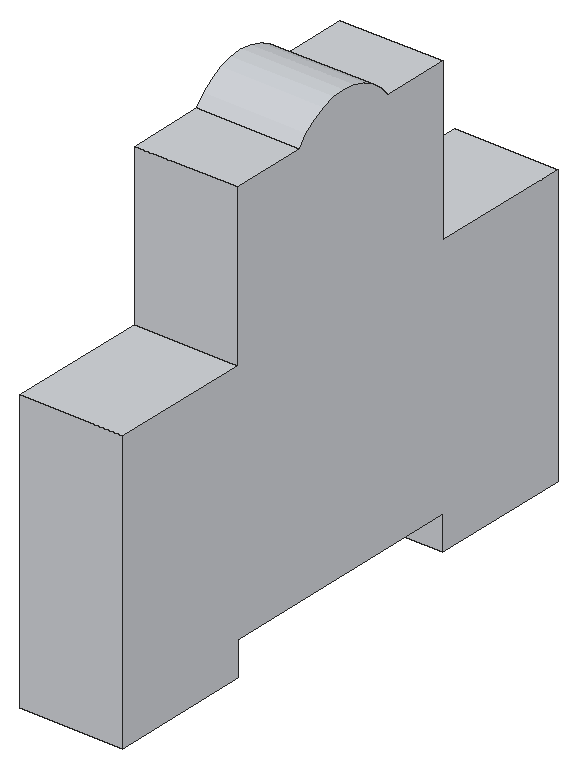
Revit family "Power-ModularDevices-GEWISS-90AM-SPD_TYPE2_1P", category Apparecchi elettrici, host Superficie, Revit 2016
Family settings
  Host = Superficie
  Mantenere orientamento annotazione = Sì
  Tipo di parte = Normale
  Quota connettore circolare = Usa diametro
  Numero OmniClass = 23.80.50.00
  Titolo OmniClass = Terminals for Power Supply
  Taglio con vuoti quando caricato = No
  Condiviso = No
  Punto di calcolo locali = Sì
Parameters (values of type "GWD6413 - LST - SPD 1P 40KA 400V T2")
  potenza in watt = 0 V
  carico = Altro
  Version file RFA = "18.0"
  URL = "https://www.gewiss.com/ww/en"
  Type: = "2"
  Type = "2"
  Technical sheet = "https://www.gewiss.com/ww/en/search?q=GWD6413"
  Spostamento_x = -340 mm
  SS [instance] = 69.967 mm
  SEO = "Limiter"
  Realized by GEWISS S.p.A. = ""
  Rated voltage AC = "400V"
  Rated voltage = "400Vac"
  Default Elevation = 1219.2 mm
  Produttore = "GEWISS S.p.A."
  Numero di poli = 1
  Spost_x_eff [instance] = 4000 mm + Spostamento_x  # 3660 mm
  Number of poles = "1P"
  No. of poles = "1P"
  No. of modules EN 50022 = "1"
  No. Chorus modules = "1"
  Modello = "GWD6413"
  Maximum discharge current: = "40KA"
  Immagine tipo = GWD6411.jpg
  IFC.TypeObject = ""
  IFC.ExportType = ""
  IFC.ExportAs = ""
  IDT = "efe6c794-a624-4260-8996-be3dd57c760e"
  IDF = "fd5a9a67-0f8f-4116-b411-a5605e20defb"
  Electrocod = "0642"
  EAN code = "8011564774889"
  Descrizione = "LST - SPD 1P 40KA 400V T2"
  Catalogue Range = "90 AM"
  Catalogue = "POWER"
  COBie.Tagnumber = ""
  COBie.CreatedOn = ""
  COBie.CreatebBy = ""
  COBie.ComponentRegisterItemID = ""
  COBie.Component.TagNumber = ""
  COBie.Component.Space = ""
  COBie.Component.SerialNumber = ""
  COBie.Component.InstallationDate = ""
  COBie.Component.Description = ""
  COBie.Component.BarCode = ""
  Barra_DIN [instance] = 0 mm
  Aux end-of-life contact = "No"
Types (4, lengths in mm): name | URL | Technical sheet | Rated voltage AC | Rated voltage | Produttore | Modello | IDT | EAN code | Descrizione | Aux end-of-life contact
  (no name) | 0 | "" | "" | "" | "GEWISS" | "GWD6411" | "" | "" | "LST - SCARICATORE 1P 40kA T2" | ""
  GWD6413 - LST - SPD 1P 40KA 400V T2 | "https://www.gewiss.com/ww/en" | "https://www.gewiss.com/ww/en/search?q=GWD6413" | "400V" | "400Vac" | "GEWISS S.p.A." | "GWD6413" | "efe6c794-a624-4260-8996-be3dd57c760e" | "8011564774889" | "LST - SPD 1P 40KA 400V T2" | "No"
  GWD6412 - LST - SPD 1P 40KA AUX. T2 | "https://www.gewiss.com/ww/en" | "https://www.gewiss.com/ww/en/search?q=GWD6412" | "230V" | "230Vac" | "GEWISS S.p.A." | "GWD6412" | "567c34fa-7bee-4ac6-a73a-ba72510e9334" | "8011564774872" | "LST - SPD 1P 40KA AUX. T2" | "Yes"
  GWD6411 - LST - SPD 1P 40KA T2 | "https://www.gewiss.com/ww/en" | "https://www.gewiss.com/ww/en/search?q=GWD6411" | "230V" | "230Vac" | "GEWISS S.p.A." | "GWD6411" | "ff5529c7-5287-42fd-a155-db7f607ca49e" | "8011564774865" | "LST - SPD 1P 40KA T2" | "No"
Values of the unnamed type that differ from the named types
  Version file RFA = ""
  Type: = ""
  Type = ""
  SEO = ""
  Number of poles = ""
  No. of poles = ""
  No. of modules EN 50022 = ""
  No. Chorus modules = ""
  Maximum discharge current: = ""
  IDF = ""
  Electrocod = ""
  Catalogue Range = ""
  Catalogue = ""
Reference planes
  plane 1 "Centro (Fronte/Retro)": y = 0
  plane 2: z = 0
  plane 3 "Centro (Sinistra/Destra)": x = 0
  plane 4: z = 0
Dimensions and locks
  "Barra_DIN": host face to plane 4
  aligned and locked: plane 2 to host face
  aligned and locked: level to host face
  aligned and locked: plane 3 "Centro (Sinistra/Destra)" to nested 1
  aligned and locked: plane 1 "Centro (Fronte/Retro)" to nested 1
Automatic sketch dimensions
  host sketch curve to host sketch curve = 6519.2 mm
  host sketch curve to host sketch curve = 4328.142 mm
Nested families
  nested 1: "GENERICO - 90AM SCARICATORI LST TIPO 2 1P" at (0, 0, 7), type "GENERICO - 90AM SCARICATORI LST TIPO 2 1P"
  nested 2: "SCAR" at (0, 69.967, 0), type "SCAR"
Connectors
  electrical at (0, 47.5, 25.5)
    settings: on nested 1, index 1, voltage 230 V, apparent load 0 VA, apparent load phase1 0 VA, apparent load phase2 0 VA, apparent load phase3 0 VA, power factor 1, load classification "Altro", number of poles 1, system type 31, power factor state 1, is connector primary yes, connector utility no, sub classification motor no, connector description ""
Definition of nested family "GENERICO - 90AM SCARICATORI LST TIPO 2 1P"
  Parameters (values of type "GENERICO - 90AM SCARICATORI LST TIPO 2 1P")
    h_barra din = if(Altezza barre = 1 mm, 69.9 mm, if(Altezza barre = 2 mm, 115.8 mm, 0 mm))  # 0 mm
    Default Elevation = 1219.2 mm
    H = if(AB_O = 1, AB_V, if(AB_O = 2, AB_H, 50.8 mm))  # 50.8 mm
    Dist barra din = 0 mm  # constant formula
    C1 = 49 mm  # constant formula
    C = 70 mm  # constant formula
    B = 95 mm  # constant formula
    Altezza barre = 5 mm  # constant formula
    AB_V = 3 mm  # constant formula
    AB_H = 5 mm  # constant formula
    AB_O = 0  # constant formula
    A = 18 mm  # constant formula
  Reference planes
    plane 1 "Centro (Fronte/Retro)": y = 0
    plane 2: z = 0
    plane 3 "Centro (Sinistra/Destra)": x = 0
    plane 4: y = -47.5
    plane 5: y = 47.5
    plane 6: z = 0
    plane 7: z = -6
    plane 8 "top": z = 70
    plane 9 "incasso": z = 43
    plane 10: y = -22.5
    plane 11: y = 22.5
    plane 12: x = -9
    plane 13: x = 9
    plane 14: through (4267.2, -42.5, 9) normal (0, -0.1901, 0.9818)
    plane 15 "POSIZIONE": z = 71
    plane 16: y = 10.353
    plane 17: y = -8.889
  Forms (mm)
    Extrusion 1, solid
      sketch origin (0, 0, 0) x (0, 1, 0) y (0, 0, 1)
        loop
          line (-22.5, 0) -> (22.5, 0) -> (22.5, -6) -> (47.5, -6) -> (47.5, 43) -> (22.5, 43) -> (22.5, 71) -> (10.353, 71)
          arc (10.353, 71) -> (0.732, 76.023) -> (-8.889, 71) r 11.726
          line (-8.889, 71) -> (-22.5, 71) -> (-22.5, 43) -> (-47.5, 43) -> (-47.5, -6) -> (-22.5, -6) -> (-22.5, 0)
      from -9 to 9
  Lines and regions (mm)
    symbolic lines
      curve 1: line (0, 0, 15) -> (0, 0, -6)
      curve 2: line (0, -22.5, 0) -> (0, 22.5, 0)
    model lines, detail levels medium+fine
      curve 3: circle (0.419, 35.762, 43) r 3.324 normal (0, 0, 1)
      curve 4: circle (0, -40.632, 43) r 3.197 normal (0, 0, 1)
      curve 90: line (5.092, 14.237, 71) -> (5.092, 18.61, 71)
      curve 91: line (5.092, 18.61, 71) -> (-5.092, 18.61, 71)
      curve 92: line (-5.092, 18.61, 71) -> (-5.092, 14.237, 71)
      curve 93: line (-5.092, 14.237, 71) -> (5.092, 14.237, 71)
    model lines, detail levels fine
      curve 5: line (-5.812, -19.942, 71) -> (-5.812, -21.523, 71)
      curve 6: line (-5.812, -21.523, 71) -> (-6.342, -21.523, 71)
      curve 7: line (-6.342, -21.523, 71) -> (-6.649, -21.485, 71)
      curve 8: line (-6.649, -21.485, 71) -> (-7.025, -21.318, 71)
      curve 9: line (-7.025, -21.318, 71) -> (-7.324, -21.041, 71)
      curve 10: line (-7.324, -21.041, 71) -> (-7.521, -20.668, 71)
      curve 11: line (-7.521, -20.668, 71) -> (-7.583, -20.27, 71)
      curve 12: line (-7.583, -20.27, 71) -> (-7.523, -19.904, 71)
      curve 13: line (-7.523, -19.904, 71) -> (-7.365, -19.58, 71)
      curve 14: line (-7.365, -19.58, 71) -> (-7.08, -19.285, 71)
      curve 15: line (-7.08, -19.285, 71) -> (-6.735, -19.106, 71)
      curve 16: line (-6.735, -19.106, 71) -> (-6.347, -19.042, 71)
      curve 17: line (-6.347, -19.042, 71) -> (-5.812, -19.042, 71)
      curve 18: line (-5.812, -19.042, 71) -> (-5.812, -19.724, 71)
      curve 19: line (-5.812, -19.724, 71) -> (-6.712, -19.724, 71)
      curve 20: line (-6.712, -19.724, 71) -> (-6.712, -20.842, 71)
      curve 21: line (-6.712, -20.842, 71) -> (-6.493, -20.842, 71)
      curve 22: line (-6.493, -20.842, 71) -> (-6.493, -19.942, 71)
      curve 23: line (-6.493, -19.942, 71) -> (-5.812, -19.942, 71)
      curve 24: line (-3.672, -21.523, 71) -> (-5.594, -21.523, 71)
      curve 25: line (-5.594, -21.523, 71) -> (-5.594, -19.042, 71)
      curve 26: line (-5.594, -19.042, 71) -> (-4.572, -19.042, 71)
      curve 27: line (-4.572, -19.042, 71) -> (-4.572, -19.724, 71)
      curve 28: line (-4.572, -19.724, 71) -> (-4.913, -19.724, 71)
      curve 29: line (-4.913, -19.724, 71) -> (-4.913, -19.942, 71)
      curve 30: line (-4.913, -19.942, 71) -> (-3.672, -19.942, 71)
      curve 31: line (-3.672, -19.942, 71) -> (-3.672, -20.624, 71)
      curve 32: line (-3.672, -20.624, 71) -> (-4.913, -20.624, 71)
      curve 33: line (-4.913, -20.624, 71) -> (-4.913, -20.842, 71)
      curve 34: line (-4.913, -20.842, 71) -> (-3.672, -20.842, 71)
      curve 35: line (-3.672, -20.842, 71) -> (-3.672, -21.523, 71)
      curve 36: line (-0.196, -21.523, 71) -> (-0.196, -19.942, 71)
      curve 37: line (-0.196, -19.942, 71) -> (-0.878, -19.942, 71)
      curve 38: line (-0.878, -19.942, 71) -> (-0.878, -21.523, 71)
      curve 39: line (-0.878, -21.523, 71) -> (-0.196, -21.523, 71)
      curve 40: line (-2.48, -21.523, 71) -> (-2.275, -20.501, 71)
      curve 41: line (-2.275, -20.501, 71) -> (-2.071, -21.523, 71)
      curve 42: line (-2.071, -21.523, 71) -> (-1.389, -21.523, 71)
      curve 43: line (-1.389, -21.523, 71) -> (-0.966, -19.724, 71)
      curve 44: line (-0.966, -19.724, 71) -> (-0.196, -19.724, 71)
      curve 45: line (-0.196, -19.724, 71) -> (-0.196, -19.042, 71)
      curve 46: line (-0.196, -19.042, 71) -> (-1.505, -19.042, 71)
      curve 47: line (-1.505, -19.042, 71) -> (-1.75, -20.092, 71)
      curve 48: line (-1.75, -20.092, 71) -> (-1.921, -19.042, 71)
      curve 49: line (-1.921, -19.042, 71) -> (-2.63, -19.042, 71)
      curve 50: line (-2.63, -19.042, 71) -> (-2.8, -20.092, 71)
      curve 51: line (-2.8, -20.092, 71) -> (-3.045, -19.042, 71)
      curve 52: line (-3.045, -19.042, 71) -> (-4.354, -19.042, 71)
      curve 53: line (-4.354, -19.042, 71) -> (-4.354, -19.724, 71)
      curve 54: line (-4.354, -19.724, 71) -> (-3.584, -19.724, 71)
      curve 55: line (-3.584, -19.724, 71) -> (-3.162, -21.523, 71)
      curve 56: line (-3.162, -21.523, 71) -> (-2.48, -21.523, 71)
      curve 57: line (1.944, -19.042, 71) -> (0.022, -19.042, 71)
      curve 58: line (0.022, -19.042, 71) -> (0.022, -20.624, 71)
      curve 59: line (0.022, -20.624, 71) -> (1.262, -20.624, 71)
      curve 60: line (1.262, -20.624, 71) -> (1.262, -20.842, 71)
      curve 61: line (1.262, -20.842, 71) -> (0.022, -20.842, 71)
      curve 62: line (0.022, -20.842, 71) -> (0.022, -21.523, 71)
      curve 63: line (0.022, -21.523, 71) -> (1.944, -21.523, 71)
      curve 64: line (1.944, -21.523, 71) -> (1.944, -19.942, 71)
      curve 65: line (1.944, -19.942, 71) -> (0.703, -19.942, 71)
      curve 66: line (0.703, -19.942, 71) -> (0.703, -19.724, 71)
      curve 67: line (0.703, -19.724, 71) -> (1.944, -19.724, 71)
      curve 68: line (1.944, -19.724, 71) -> (1.944, -19.042, 71)
      curve 69: line (2.162, -19.042, 71) -> (2.162, -20.624, 71)
      curve 70: line (2.162, -20.624, 71) -> (3.319, -20.624, 71)
      curve 71: line (3.319, -20.624, 71) -> (3.319, -20.842, 71)
      curve 72: line (3.319, -20.842, 71) -> (2.162, -20.842, 71)
      curve 73: line (2.162, -20.842, 71) -> (2.162, -21.523, 71)
      curve 74: line (2.162, -21.523, 71) -> (2.844, -21.523, 71)
      curve 75: line (2.844, -21.523, 71) -> (3.237, -21.397, 71)
      curve 76: line (3.237, -21.397, 71) -> (3.491, -21.231, 71)
      curve 77: line (3.491, -21.231, 71) -> (3.782, -20.874, 71)
      curve 78: line (3.782, -20.874, 71) -> (3.917, -20.474, 71)
      curve 79: line (3.917, -20.474, 71) -> (3.921, -20.119, 71)
      curve 80: line (3.921, -20.119, 71) -> (3.884, -19.942, 71)
      curve 81: line (3.884, -19.942, 71) -> (2.844, -19.942, 71)
      curve 82: line (2.844, -19.942, 71) -> (2.844, -19.724, 71)
      curve 83: line (2.844, -19.724, 71) -> (3.792, -19.724, 71)
      curve 84: line (3.792, -19.724, 71) -> (3.668, -19.518, 71)
      curve 85: line (3.668, -19.518, 71) -> (3.491, -19.334, 71)
      curve 86: line (3.491, -19.334, 71) -> (3.244, -19.172, 71)
      curve 87: line (3.244, -19.172, 71) -> (2.987, -19.078, 71)
      curve 88: line (2.987, -19.078, 71) -> (2.697, -19.042, 71)
      curve 89: line (2.697, -19.042, 71) -> (2.162, -19.042, 71)
  Text (mm)
    text "AB_V" at (0, 50.868, 44.72), in view "Destra"
    text "AB_O" at (0, -80.659, 111.963), in view "Destra"
  Dimensions and locks
    equal spacing: plane 4, plane 1 "Centro (Fronte/Retro)", plane 5
    "B": plane 4 to plane 5
    "Dist barra din": plane 6 to level
    locked: plane 6 to plane 7 at 6
    "C": plane 8 "top" to plane 6
    equal spacing: plane 10, plane 1 "Centro (Fronte/Retro)", plane 11
    plane 10 to plane 11 = 45 mm
    equal spacing: plane 12, plane 3 "Centro (Sinistra/Destra)", plane 13
    "A": plane 12 to plane 13
    "C1": plane 9 "incasso" to plane 7
    locked: plane 15 "POSIZIONE" to plane 9 "incasso" at 28
    angle level to plane 14 = 10.9557°
    angle plane 4 to plane 8 "top" = 90.00°
    aligned and locked: level to plane 2
    aligned and locked: Extrusion 1 sketch curve to plane 6
    aligned and locked: Extrusion 1 sketch curve to plane 7
    aligned and locked: Extrusion 1 sketch curve to plane 4
    aligned and locked: Extrusion 1 sketch curve to plane 9 "incasso"  (x2)
    aligned and locked: Extrusion 1 sketch curve to plane 11  (x2)
    aligned and locked: Extrusion 1 sketch curve to plane 5
    aligned and locked: Extrusion 1 sketch curve to plane 10  (x2)
    aligned and locked: plane 1 "Centro (Fronte/Retro)" to curve 1
    aligned and locked: Extrusion 1 to plane 6
    aligned and locked: Extrusion 1 to plane 12
    aligned and locked: plane 13 to Extrusion 1
    aligned and locked: plane 15 "POSIZIONE" to Extrusion 1 sketch curve
    aligned and locked: Extrusion 1 sketch curve to plane 15 "POSIZIONE"
    aligned and locked: plane 17 to Extrusion 1 sketch curve
    aligned and locked: plane 16 to Extrusion 1 sketch curve
  Automatic sketch dimensions
    Extrusion 1 sketch curve to plane 7 = 0 mm
    plane 15 "POSIZIONE" to Extrusion 1 sketch curve = 6.703 mm
    curve 2 to level = 0 mm
    curve 2 to plane 10 = 0 mm
    curve 2 to plane 11 = 0 mm
    curve 1 to plane 7 = 0 mm
    level to curve 1 = 15 mm
    curve 4 to plane 13 = 9 mm
    curve 4 to curve 3 = 0.419 mm
    curve 3 to plane 5 = 11.738 mm
    plane 4 to curve 4 = 6.868 mm
    curve 12 to plane 5 = 67.77 mm
    curve 13 to plane 5 = 67.404 mm
    curve 11 to curve 13 = 0.059 mm
    curve 11 to plane 5 = 68.168 mm
    curve 11 to curve 11 = 0.061 mm
    curve 14 to plane 5 = 67.08 mm
    curve 12 to curve 14 = 0.159 mm
    curve 9 to plane 5 = 68.541 mm
    curve 10 to curve 9 = 0.198 mm
    curve 14 to plane 5 = 66.785 mm
    curve 13 to curve 14 = 0.285 mm
    curve 9 to plane 5 = 68.818 mm
    curve 10 to curve 9 = 0.298 mm
    curve 16 to plane 5 = 66.606 mm
    curve 14 to curve 16 = 0.345 mm
    curve 8 to curve 21 = 0.313 mm
    curve 8 to plane 5 = 68.985 mm
    curve 8 to curve 8 = 0.376 mm
    curve 20 to curve 21 = 0.219 mm
    curve 15 to curve 17 = 0.388 mm
    curve 8 to curve 6 = 0.307 mm
    curve 6 to curve 6 = 0.53 mm
    curve 16 to curve 18 = 0.535 mm
    curve 17 to curve 25 = 0.218 mm
    curve 5 to curve 30 = 0.899 mm
    curve 29 to curve 32 = 0.001 mm
    curve 28 to curve 27 = 0.341 mm
    curve 27 to curve 53 = 0.218 mm
    curve 53 to curve 30 = 0.681 mm
    curve 32 to curve 24 = 0 mm
    curve 31 to curve 54 = 0.089 mm
    curve 55 to plane 5 = 69.023 mm
    curve 24 to curve 55 = 0.51 mm
    curve 54 to curve 52 = 0.538 mm
    curve 50 to plane 5 = 67.592 mm
    curve 54 to curve 50 = 0.784 mm
    curve 52 to curve 49 = 0.416 mm
    curve 55 to curve 56 = 0.682 mm
    curve 40 to plane 5 = 68.001 mm
    curve 50 to curve 40 = 0.525 mm
    curve 40 to curve 42 = 0.409 mm
    curve 49 to curve 49 = 0.709 mm
    curve 47 to plane 5 = 67.592 mm
    curve 40 to curve 47 = 0.525 mm
    curve 47 to plane 5 = 66.542 mm
    curve 48 to curve 47 = 0.416 mm
    curve 41 to curve 42 = 0.682 mm
    curve 43 to plane 5 = 67.224 mm
    curve 47 to curve 43 = 0.784 mm
    curve 43 to curve 38 = 0.089 mm
    curve 43 to curve 45 = 0.77 mm
    curve 38 to curve 39 = 0.682 mm
    curve 36 to curve 59 = 0.218 mm
    curve 36 to curve 63 = 0.218 mm
    curve 45 to curve 66 = 0.9 mm
    curve 65 to curve 60 = 0.559 mm
    curve 60 to curve 64 = 0.682 mm
    curve 57 to curve 64 = 0 mm
    curve 63 to curve 72 = 0.218 mm
    curve 69 to curve 72 = 0 mm
    curve 88 to plane 5 = 66.542 mm
    curve 69 to curve 88 = 0.535 mm
    curve 75 to plane 5 = 69.023 mm
    curve 73 to curve 75 = 0.682 mm
    curve 88 to curve 82 = 0.147 mm
    curve 87 to plane 5 = 66.578 mm
    curve 88 to curve 87 = 0.29 mm
    curve 75 to plane 5 = 68.897 mm
    curve 74 to curve 75 = 0.394 mm
    curve 86 to plane 5 = 66.672 mm
    curve 87 to curve 86 = 0.258 mm
    curve 75 to curve 71 = 0.081 mm
    curve 86 to plane 5 = 66.834 mm
    curve 87 to curve 86 = 0.247 mm
    curve 77 to plane 5 = 68.731 mm
    curve 75 to curve 77 = 0.254 mm
    curve 84 to plane 5 = 67.018 mm
    curve 85 to curve 84 = 0.177 mm
    curve 78 to plane 5 = 68.374 mm
    curve 76 to curve 78 = 0.291 mm
    curve 84 to curve 83 = 0.123 mm
    curve 83 to curve 81 = 0.093 mm
    curve 79 to plane 5 = 67.974 mm
    curve 78 to curve 79 = 0.135 mm
    curve 79 to plane 5 = 67.619 mm
    curve 80 to curve 79 = 0.037 mm
    curve 24 to curve 55 = 0 mm
    curve 36 to curve 44 = 1.799 mm
    curve 43 to curve 38 = 0 mm
    curve 63 to curve 73 = 0 mm
    curve 24 to curve 5 = 0 mm
    curve 8 to curve 21 = 0.643 mm
    curve 62 to curve 62 = 0.682 mm
    curve 73 to curve 73 = 0.682 mm
    curve 24 to curve 35 = 0.682 mm
    curve 34 to curve 31 = 0.218 mm
    curve 61 to curve 59 = 0.218 mm
    curve 72 to curve 70 = 0.218 mm
    curve 21 to curve 5 = 0.9 mm
    curve 37 to curve 44 = 0.218 mm
    curve 69 to curve 64 = 0.682 mm
    curve 70 to curve 82 = 0.682 mm
    curve 31 to curve 30 = 0.682 mm
    curve 64 to curve 68 = 0.218 mm
    curve 5 to curve 18 = 0.218 mm
    curve 29 to curve 53 = 0.218 mm
    curve 81 to curve 82 = 0.218 mm
    curve 53 to curve 27 = 0 mm
    curve 54 to curve 51 = 0.682 mm
    curve 27 to curve 53 = 0 mm
    curve 52 to curve 50 = 0 mm
    curve 17 to curve 25 = 0 mm
    curve 57 to curve 69 = 0 mm
    curve 88 to curve 93 = 33.279 mm
    plane 12 to curve 11 = 1.417 mm
    plane 12 to curve 93 = 3.908 mm
    curve 91 to plane 13 = 3.908 mm
    curve 92 to plane 11 = 3.89 mm
    radius of curve 3 = 3.324 mm
    radius of curve 4 = 3.197 mm
Definition of nested family "SCAR"
  Reference planes
    plane 1: y = 0
    plane 2: x = 0
  Lines and regions (mm)
    detail lines
      curve 1: line (0, 0, 0) -> (-0.001, 3.334, 0)
      curve 2: line (0.277, 3.334, 0) -> (-0.278, 3.334, 0)
      curve 3: line (-0.278, 3.334, 0) -> (-0.001, 4.223, 0)
      curve 4: line (-0.001, 4.223, 0) -> (0.277, 3.334, 0)
      curve 5: line (0.277, 3.334, 0) -> (-0.001, 4.223, 0)
      curve 6: line (-0.001, 4.223, 0) -> (-0.278, 3.334, 0)
      curve 7: line (-0.278, 3.334, 0) -> (0.277, 3.334, 0)
      curve 8: line (0.277, 3.334, 0) -> (-0.001, 4.223, 0)
      curve 9: line (-0.001, 4.223, 0) -> (-0.278, 3.334, 0)
      curve 10: line (-0.445, 4.612, 0) -> (0.444, 4.612, 0)
      curve 11: line (0.444, 4.612, 0) -> (0.444, 2.39, 0)
      curve 12: line (0.444, 2.39, 0) -> (-0.445, 2.389, 0)
      curve 13: line (-0.445, 2.389, 0) -> (-0.445, 4.612, 0)
    detail lines, not visible
      curve 14: line (0, 0, 0) -> (-0.001, 3.334, 0)
      curve 15: line (0.277, 3.334, 0) -> (-0.278, 3.334, 0)
      curve 16: line (-0.278, 3.334, 0) -> (-0.001, 4.223, 0)
      curve 17: line (-0.001, 4.223, 0) -> (0.277, 3.334, 0)
      curve 18: line (0.277, 3.334, 0) -> (-0.001, 4.223, 0)
      curve 19: line (-0.001, 4.223, 0) -> (-0.278, 3.334, 0)
      curve 20: line (-0.278, 3.334, 0) -> (0.277, 3.334, 0)
      curve 21: line (0.277, 3.334, 0) -> (-0.001, 4.223, 0)
      curve 22: line (-0.001, 4.223, 0) -> (-0.278, 3.334, 0)
      curve 23: line (-0.445, 4.612, 0) -> (0.444, 4.612, 0)
      curve 24: line (0.444, 4.612, 0) -> (0.444, 2.39, 0)
      curve 25: line (0.444, 2.39, 0) -> (-0.445, 2.389, 0)
      curve 26: line (-0.445, 2.389, 0) -> (-0.445, 4.612, 0)
  Dimensions and locks
    aligned and locked: plane 1 to curve 1
